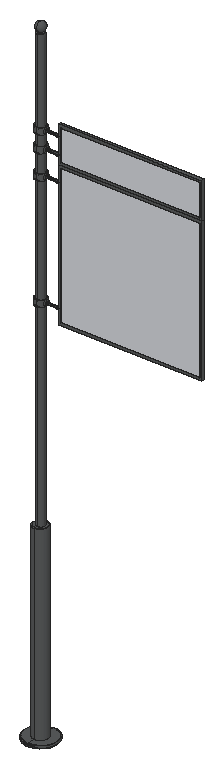
Revit family "Указатель стальной высокий арт.486", category Антураж, Revit 2017
Family settings
  На основе рабочей плоскости = Нет
  Всегда вертикально = Да
  При загрузке вырезать с полостями = Нет
  Источник визуального образа = Геометрия семейства
  Общий = Нет
  Точка расчета площади = Нет
Parameters (values of type "Указатель стальной высокий арт. 486")
  Стоимость = 10584
  Изготовитель = "ООО \"Хоббика\""
  Высота = 0 mm
  URL = "https://hobbyka.ru/product/ukazatel_stalnoi_vysokii_art_486/?sphrase_id=69573"
  ADSK_Размер_Ширина = 175 mm
  ADSK_Размер_Высота = 3450 mm
  ADSK_Наименование = "Указатель стальной высокий арт. 486"
  ADSK_Материал Опоры/Щита = Чугун, серый
  ADSK_Код изделия = "7373"
Reference planes
  plane 1 "По центру (Вперед/Назад)": y = 0
  plane 2: z = 0
  plane 3 "По центру (Влево/Вправо)": x = 0
Forms (mm)
  Revolve 1, solid, material "Чугун, серый" <- "ADSK_Материал Опоры/Щита"
    sketch origin (0, 0, 0) x (0, 1, 0) y (0, 0, 1)
      loop
        line (-87.1, 1.602) -> (-85.48, 0) -> (0, 0) -> (0, 3456.281)
        arc (0, 3456.281) -> (-23.882, 3435.544) -> (-6.7, 3408.99) r 24.12
        line (-6.7, 3408.99) -> (-6.7, 3402.38) -> (-18.562, 3402.38) -> (-20.1, 3400.842) -> (-20.1, 1031.8) -> (-18.76, 1031.8) -> (-18.76, 1030.46) -> (-37.855, 1030.46) -> (-40.2, 1028.115) -> (-40.2, 14.74) -> (-38.86, 14.74) -> (-38.86, 13.4) -> (-85.48, 13.4) -> (-87.1, 11.78) -> (-87.1, 1.602)
      axis (0, 3456.281) -> (0, 0)
    angle from 0 to 360
  Revolve 2, solid, material "Чугун, серый" <- "ADSK_Материал Опоры/Щита"
    sketch origin (0, 0, 0) x (0, 1, 0) y (0, 0, 1)
      loop
        line (0, 2955.583) -> (-27.942, 2955.583) -> (-28.8, 2954.583) -> (-28.8, 2924.583) -> (-27.936, 2923.583) -> (0, 2923.583) -> (0, 2955.583)
      axis (0, 2923.583) -> (0, 2955.583)
    angle from 0 to 360
  Revolve 3, solid, material "Чугун, серый" <- "ADSK_Материал Опоры/Щита"
    sketch origin (0, 0, -90) x (0, 1, 0) y (0, 0, 1)
      loop
        line (0, 2955.583) -> (-27.942, 2955.583) -> (-28.8, 2954.583) -> (-28.8, 2924.583) -> (-27.936, 2923.583) -> (0, 2923.583) -> (0, 2955.583)
      axis (0, 2923.583) -> (0, 2955.583)
    angle from 0 to 360
  Revolve 4, solid, material "Чугун, серый" <- "ADSK_Материал Опоры/Щита"
    sketch origin (0, 0, -222) x (0, 1, 0) y (0, 0, 1)
      loop
        line (0, 2955.583) -> (-27.942, 2955.583) -> (-28.8, 2954.583) -> (-28.8, 2924.583) -> (-27.936, 2923.583) -> (0, 2923.583) -> (0, 2955.583)
      axis (0, 2923.583) -> (0, 2955.583)
    angle from 0 to 360
  Revolve 5, solid, material "Чугун, серый" <- "ADSK_Материал Опоры/Щита"
    sketch origin (0, 0, -829.95) x (0, 1, 0) y (0, 0, 1)
      loop
        line (0, 2955.583) -> (-27.942, 2955.583) -> (-28.8, 2954.583) -> (-28.8, 2924.583) -> (-27.936, 2923.583) -> (0, 2923.583) -> (0, 2955.583)
      axis (0, 2923.583) -> (0, 2955.583)
    angle from 0 to 360
  Revolve 6, solid, material "Чугун, серый" <- "ADSK_Материал Опоры/Щита"
    sketch origin (0, 0, 0) x (1, 0, 0) y (0, 0, 1)
      loop
        line (101.173, 2855.286) -> (30.08, 2855.286) -> (30.08, 2863.989) -> (26.08, 2863.989) -> (26.08, 2849.286) -> (101.173, 2849.286) -> (101.173, 2855.286)
      axis (101.173, 2849.286) -> (26.08, 2849.286)
    angle from 0 to 360
  Revolve 7, solid, material "Чугун, серый" <- "ADSK_Материал Опоры/Щита"
    sketch origin (0, 0, 90) x (1, 0, 0) y (0, 0, 1)
      loop
        line (101.173, 2855.286) -> (30.08, 2855.286) -> (30.08, 2863.989) -> (26.08, 2863.989) -> (26.08, 2849.286) -> (101.173, 2849.286) -> (101.173, 2855.286)
      axis (101.173, 2849.286) -> (26.08, 2849.286)
    angle from 0 to 360
  Revolve 8, solid, material "Чугун, серый" <- "ADSK_Материал Опоры/Щита"
    sketch origin (0, 0, -132) x (1, 0, 0) y (0, 0, 1)
      loop
        line (101.173, 2855.286) -> (30.08, 2855.286) -> (30.08, 2863.989) -> (26.08, 2863.989) -> (26.08, 2849.286) -> (101.173, 2849.286) -> (101.173, 2855.286)
      axis (101.173, 2849.286) -> (26.08, 2849.286)
    angle from 0 to 360
  Revolve 9, solid, material "Чугун, серый" <- "ADSK_Материал Опоры/Щита"
    sketch origin (0, 0, -739.95) x (1, 0, 0) y (0, 0, 1)
      loop
        line (101.173, 2855.286) -> (30.08, 2855.286) -> (30.08, 2863.989) -> (26.08, 2863.989) -> (26.08, 2849.286) -> (101.173, 2849.286) -> (101.173, 2855.286)
      axis (101.173, 2849.286) -> (26.08, 2849.286)
    angle from 0 to 360
  Extrusion 10, solid, material "Чугун, серый" <- "ADSK_Материал Опоры/Щита"
    sketch origin (0, 0, 0) x (1, 0, 0) y (0, 0, 1)
      loop
        line (112.673, 2986.005) -> (112.673, 2813.505) -> (860.173, 2813.505) -> (860.173, 2986.005) -> (112.673, 2986.005)
      loop
        line (101.173, 2997.505) -> (101.173, 2802.005) -> (871.673, 2802.005) -> (871.673, 2997.505) -> (101.173, 2997.505)
      loop
        line (871.673, 2800.855) -> (101.173, 2800.855) -> (101.173, 2030.693) -> (871.673, 2030.693) -> (871.673, 2800.855)
      loop
        line (112.673, 2042.193) -> (860.173, 2042.193) -> (860.173, 2789.355) -> (112.673, 2789.355) -> (112.673, 2042.193)
    from -6 to 6
  Extrusion 11, solid
    sketch origin (0, 0, 0) x (1, 0, 0) y (0, 0, 1)
      loop
        line (112.673, 2986.005) -> (112.673, 2813.505) -> (860.173, 2813.505) -> (860.173, 2986.005) -> (112.673, 2986.005)
      loop
        line (860.173, 2789.355) -> (112.673, 2789.355) -> (112.673, 2042.193) -> (860.173, 2042.193) -> (860.173, 2789.355)
    from -3.49 to 3.5
Cuts and joins
  joined: Revolve 1, Revolve 2, Revolve 3, Revolve 4, Revolve 5
Dimensions and locks
  aligned and locked: level to plane 2
